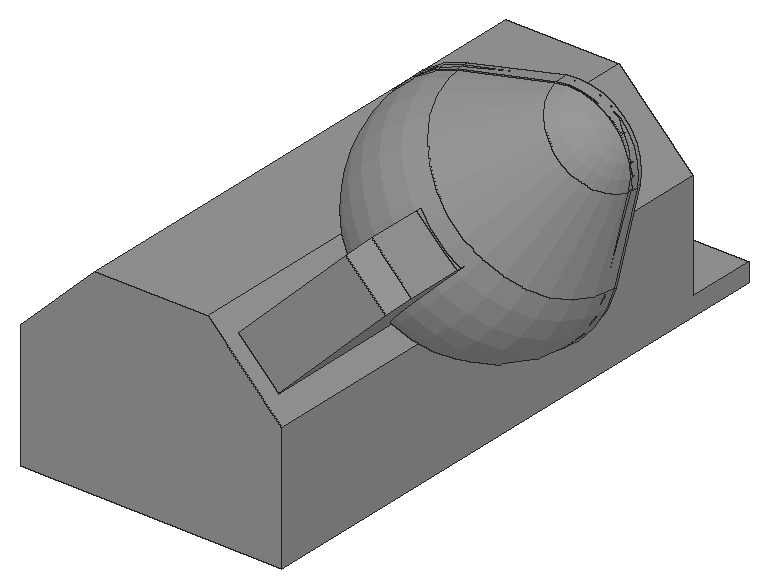
Revit family "Combination-Willoughby-ECW-1546-R-OF", category Plumbing Fixtures, Revit 2015
Parameters (values of type "Standard")
  Waste DIA = 2 3/8"
  Waste Connection = yes
  Vent Connection = no
  URL = "https://www.willoughby-ind.com/wp-content/uploads/2017/05/1546.pdf"
  Revision = "A"
  Model = "ECW-1546-R-OF"
  Manufacturer = "Willoughby Industries"
  Lav Waste DIA = 1 1/2"
  Lav Waste Connection = yes
  HW Connection = no
  Flush Inlet DIA = 1 1/2"
  Flush Inlet Connection = yes
  Fixture Body = Stainless Steel AISI 304-Willoughby
  Description = "1546 Combination Unit, Wall toilet waste outlet, Right toilet, Off Floor mounted"
  Default Elevation = 0' - 0"
  Contact = "(800) 428-4065"
  CW Connection = no
Reference planes (in)
  plane 1 "Center (Front/Back)": y = 0
  plane 2: z = 0
  plane 3 "Center (Left/Right)": x = 0
  plane 4: z = 11.5
  plane 5: z = 6.5
  plane 6: through (4.45954, 0, 8.54046) normal (0.7071, 0, -0.7071)
  plane 7: through (7.5, 0, 7.25) normal (0.7071, 0, -0.7071)
  plane 8: through (3.25, 0, 11.5) normal (0.7071, 0, -0.7071)
  plane 9: through (23.8093, -5.96161, 15.97995) normal (0.7071, 0, 0.7071)
  plane 10: through (22.37416, -5.96161, 24.30937) normal (0.7071, 0, 0.7071)
  plane 11: through (16.17284, -5.96161, 25.89652) normal (0.7071, 0, -0.7071)
  plane 12: through (11.9302, -5.96161, 30.13916) normal (0.7071, 0, -0.7071)
  plane 13: through (-9.40795, -6.21161, 0.18315) normal (0.7071, 0, -0.7071)
  plane 14: through (-13.78317, -6.21161, 4.55837) normal (0.7071, 0, -0.7071)
  plane 15: z = -3
Forms (in)
  Extrusion 1, solid, material "Stainless Steel AISI 304-Willoughby" <- "Fixture Body"
    sketch origin (0, -0.00023, 9.96632) x (1, 0, 0) y (0, 0, 1)
      loop
        line (7.5, 7.25) -> (3.24257, 11.5) -> (-3.24629, 11.5) -> (-7.5, 7.25) -> (-7.5, 0) -> (7.5, 0) -> (7.5, 7.25)
    from 18.21094 to -11.28861
  Extrusion 2, solid, material "Stainless Steel AISI 304-Willoughby" <- "Fixture Body"
    sketch origin (0, -0.00023, 9.96632) x (0, 1, 0) y (0, 0, 1)
      loop
        line (11.28861, 0) -> (15.28861, 0) -> (15.28861, 1.0625) -> (11.28861, 1.0625) -> (11.28861, 0)
    from 7.5 to -7.5
  Extrusion 3, void
    sketch origin (-58.09039, 11.28839, 57.96632) x (1, 0, 0) y (0, 0, 1)
      loop
        line (64.11615, -41.02576) -> (60.98371, -37.89332)
        arc (60.98371, -37.89332) -> (60.54805, -37.60222) -> (60.03415, -37.5) r 1.34289
        line (60.03415, -37.5) -> (58.09039, -37.5) -> (56.14663, -37.5)
        arc (56.14663, -37.5) -> (55.63273, -37.60222) -> (55.19707, -37.89332) r 1.34289
        line (55.19707, -37.89332) -> (52.06463, -41.02576)
        arc (52.06463, -41.02576) -> (51.67735, -41.81109) -> (51.84818, -42.66989) r 1.36204
        line (51.84818, -42.66989) -> (53.44605, -45.4375)
        arc (53.44605, -45.4375) -> (53.62907, -45.62051) -> (53.87907, -45.6875) r 0.5
        line (53.87907, -45.6875) -> (58.09039, -45.6875) -> (62.30172, -45.6875)
        arc (62.30172, -45.6875) -> (62.55172, -45.62051) -> (62.73473, -45.4375) r 0.5
        line (62.73473, -45.4375) -> (64.33261, -42.66989)
        arc (64.33261, -42.66989) -> (64.50343, -41.81109) -> (64.11615, -41.02576) r 1.36204
    from 6 to 0
  Revolve 4, solid, material "Stainless Steel AISI 304-Willoughby" <- "Fixture Body"
    sketch origin (0, 3.03839, -2.03368) x (0, 0, -1) y (-1, 0, 0)
      loop
        line (-12, 0) -> (-14, 0) -> (-14, -0.75) -> (-9, -0.75) -> (-9, 0) -> (-12, 0)
      axis (-14, 0) -> (-9, 0)
    angle from 0 to 360
  Revolve 5, solid, material "Stainless Steel AISI 304-Willoughby" <- "Fixture Body"
    sketch origin (0, -9.71161, 1.63556) x (0, 0, -1) y (-1, 0, 0)
      loop
        line (-10.39326, 1) -> (-5.31828, 1) -> (-5.31828, 2.1875) -> (-10.39326, 2.1875) -> (-10.39326, 1)
      axis (-10.39326, 1) -> (-5.31828, 1)
    angle from 0 to 360
  Revolve 6, solid, material "Stainless Steel AISI 304-Willoughby" <- "Fixture Body"
    sketch origin (9.75, -0.71161, 1.63556) x (0, 0, -1) y (-1, 0, 0)
      loop
        line (-8.32755, 4.875) -> (-8.32755, 5.625) -> (-9.83076, 5.625) -> (-9.83076, 4.875) -> (-8.32755, 4.875)
      axis (-9.83076, 4.875) -> (-8.32755, 4.875)
    angle from 0 to 360
  Revolve 7, solid, material "Stainless Steel AISI 304-Willoughby" <- "Fixture Body"
    sketch origin (1.41479, -6.46161, 15.38112) x (-0.707107, 0, -0.707107) y (-0.707107, 0, 0.707107)
      loop
        arc (-16.25875, -6.02566) -> (-9.22764, -6.08019) -> (-5.69625, 0) r 7
        line (-5.69625, 0) -> (-6.19625, 0)
        arc (-6.19625, 0) -> (-9.4731, -5.64458) -> (-15.99973, -5.59794) r 6.5
        line (-15.99973, -5.59794) -> (-20.8721, -2.57392)
        arc (-20.8721, -2.57392) -> (-21.91777, -1.47245) -> (-22.28998, 0) r 3
        line (-22.28998, 0) -> (-22.79, 0)
        arc (-22.79, 0) -> (-22.35472, -1.71553) -> (-21.13577, -2.99875) r 3.5
        line (-21.13577, -2.99875) -> (-16.25875, -6.02566)
      axis (-22.79, 0) -> (-5.69625, 0)
    angle from 0 to 180
  Extrusion 8, solid, material "Stainless Steel AISI 304-Willoughby" <- "Fixture Body"
    sketch origin (2.2853, -6.46161, 16.20743) x (-0.707107, 0, -0.707107) y (-0.707107, 0, 0.707107)
      loop
        arc (-14.89057, -6.02615) -> (-9.38295, -6.58831) -> (-5.18935, -2.97395) r 7.00033
        line (-5.18935, -2.97395) -> (-4.39495, -2.97395) -> (-4.39495, 3.03645) -> (-5.16127, 3.03645)
        arc (-5.16127, 3.03645) -> (-9.42245, 6.72175) -> (-15.01815, 6.06823) r 6.99187
        line (-15.01815, 6.06823) -> (-19.99542, 3.00901)
        arc (-19.99542, 3.00901) -> (-21.59028, 0.06082) -> (-19.99542, -2.88736) r 3.52237
        line (-19.99542, -2.88736) -> (-14.89057, -6.02615)
      loop
        line (-18.92978, -1.56969) -> (-13.63506, -3.82667)
        arc (-13.63506, -3.82667) -> (-6.73671, 0.06082) -> (-13.63506, 3.94832) r 4.54455
        line (-13.63506, 3.94832) -> (-18.92978, 1.69134)
        arc (-18.92978, 1.69134) -> (-19.80995, 0.06082) -> (-18.92978, -1.56969) r 1.95034
    from 0.25 to -0.5
  Extrusion 9, solid, material "Stainless Steel AISI 304-Willoughby" <- "Fixture Body"
    sketch origin (4.37449, -6.21161, 18.34082) x (0, 1, 0) y (0.707107, 0, 0.707107)
      loop
        line (-6.74564, 11.11058) -> (-9.99564, 11.11058) -> (-11, 10.10622) -> (-11, 1.41493) -> (-0.75, 1.41493) -> (-0.75, 1.86803)
        arc (-0.75, 1.86803) -> (-5.87123, 5.08059) -> (-6.30349, 11.11058) r 6.68108
        line (-6.30349, 11.11058) -> (-6.74564, 11.11058)
    from 1.625 to -1.625
Cuts and joins
  Extrusion 3 cuts Extrusion 1
  joined: Extrusion 1, Extrusion 2
Lines and regions (in)
  symbolic lines
    curve 1: line (-7.48893, 0, 0) -> (7.5, 0, 0)
    curve 2: line (7.5, 0, 0) -> (7.5, 0, 7.25)
    curve 3: line (7.5, 0, 7.25) -> (3.25, 0, 11.5)
    curve 4: line (3.25, 0, 11.5) -> (-3.24629, 0, 11.5)
    curve 5: line (-3.24629, 0, 11.5) -> (-7.48893, 0, 7.25736)
    curve 6: line (-7.48893, 0, 7.25736) -> (-7.48893, 0, 0)
    curve 25: line (0, -18.21139, 0) -> (0, 15.28861, 0)
    curve 26: line (0, 15.28861, 0) -> (0, 15.28861, 1.0625)
    curve 27: line (0, 15.28861, 1.0625) -> (0, 11.28861, 1.0625)
    curve 28: line (0, 11.28861, 1.0625) -> (0, 11.28861, 11.5)
    curve 29: line (0, 11.28861, 11.5) -> (0, -18.21139, 11.5)
    curve 30: line (0, -18.21139, 11.5) -> (0, -18.21139, 0)
    curve 31: line (0, -6.21139, 7.25) -> (0, -6.21139, 23.53997)
    curve 32: line (0, -6.21139, 23.53997) -> (0, -6.96139, 23.53997)
    curve 33: arc (0, -6.96139, 23.53997) -> (0, -8.04549, 23.1896) -> (0, -8.96615, 22.51849) r 3.60579
    curve 34: line (0, -8.96615, 22.51849) -> (0, -11.17074, 20.56357)
    curve 35: arc (0, -11.17074, 20.56357) -> (0, -12.09401, 19.55613) -> (0, -12.79046, 18.38042) r 6.61196
    curve 36: line (0, -12.51488, 18.38042) -> (0, -16.20703, 18.38042)
    curve 37: line (0, -16.20703, 18.38042) -> (0, -17.21139, 17.67023)
    curve 38: line (0, -17.21139, 17.67023) -> (0, -17.21139, 8.22595)
    curve 39: line (0, -17.21139, 8.22595) -> (0, -6.96139, 8.22595)
    curve 40: line (0, -6.96139, 7.25) -> (0, -6.96139, 8.3818)
    curve 41: arc (0, -6.96139, 8.3818) -> (0, -10.55561, 9.69216) -> (0, -12.91251, 12.70554) r 6.95259
    curve 42: line (0, -17.21139, 15.37213) -> (0, -16.20703, 16.08232)
    curve 43: line (0, -16.20703, 16.08232) -> (0, -12.73595, 16.08232)
    curve 44: arc (0, -12.73595, 16.08232) -> (0, -12.95611, 17.23137) -> (0, -12.73595, 18.38042) r 3.10871
    curve 45: arc (0, -12.73595, 16.08232) -> (0, -13.19938, 14.41355) -> (0, -12.91251, 12.70554) r 3.9924
    curve 46: line (0, -6.96139, 7.25) -> (0, -6.21139, 7.25)
  symbolic lines, detail levels medium+fine
    curve 7: line (-7.48893, 0, 1.0625) -> (7.5, 0, 1.0625)
  symbolic lines, detail levels fine
    curve 8: line (4.64434, 0, 2.5625) -> (6.24222, 0, 5.33011)
    curve 9: line (6.02576, 0, 6.97424) -> (2.89332, 0, 10.10668)
    curve 10: line (1.94376, 0, 10.5) -> (-1.94376, 0, 10.5)
    curve 11: line (-2.89332, 0, 10.10668) -> (-6.02576, 0, 6.97424)
    curve 12: line (-6.24222, 0, 5.33011) -> (-4.64434, 0, 2.5625)
    curve 13: line (-4.21132, 0, 2.3125) -> (4.21132, 0, 2.3125)
    curve 14: arc (4.21132, 0, 2.3125) -> (4.46132, 0, 2.37949) -> (4.64434, 0, 2.5625) r 0.5
    curve 15: arc (6.24222, 0, 5.33011) -> (6.41304, 0, 6.18891) -> (6.02576, 0, 6.97424) r 1.36204
    curve 16: arc (2.89332, 0, 10.10668) -> (2.45766, 0, 10.39778) -> (1.94376, 0, 10.5) r 1.34289
    curve 17: arc (-1.94376, 0, 10.5) -> (-2.45766, 0, 10.39778) -> (-2.89332, 0, 10.10668) r 1.34289
    curve 18: arc (-6.02576, 0, 6.97424) -> (-6.41304, 0, 6.18891) -> (-6.24222, 0, 5.33011) r 1.36204
    curve 19: arc (-4.64434, 0, 2.5625) -> (-4.46132, 0, 2.37949) -> (-4.21132, 0, 2.3125) r 0.5
    curve 20: line (15.67616, 0, 14.13422) -> (17.82417, 0, 19.47408)
    curve 21: arc (17.82417, 0, 19.47408) -> (17.77002, 0, 20.47102) -> (17.22962, 0, 21.31054) r 1.95034
    curve 22: arc (17.22962, 0, 21.31054) -> (16.43043, 0, 21.75117) -> (15.51827, 0, 21.77997) r 1.95034
    curve 23: line (15.51827, 0, 21.77997) -> (10.17842, 0, 19.63196)
    curve 24: arc (10.17842, 0, 19.63196) -> (8.04942, 0, 12.00523) -> (15.67616, 0, 14.13422) r 4.54455
Dimensions and locks (in)
  level to plane 4 = 0' - 11 1/2"
  level to plane 5 = 0' - 6 1/2"
  plane 11 to plane 12 = 0' - 6"
  aligned and locked: Extrusion 8 to Extrusion 9
  aligned and locked: Extrusion 1 to Extrusion 2
Connectors (in)
  piping at (0, 3.03839, 6.96632), diameter 1.5, driven by "Lav Waste DIA", driven by "Lav Waste Connection"
    settings: on Revolve 4, index 1, connector inside diameter 24", connector length 0' - 0", flow factor 0, pipe flow 0 GPM, pressure drop 0.00 psi, fitting loss kfactor 0, connector angle 0.00°, fixture units 0, engagement length 0' - 0", angle of deflection 0.00°, flow configuration 0, flow direction 2, fitting loss method 0, system type 16, joint type 0, gender type 0, connector reference index -1, connector utility 1, adjustable connector no, is connector primary yes, connector description "Sink Waste"
  piping at (4.875, -0.71161, 9.96312), diameter 1.5, driven by "Flush Inlet DIA", driven by "Flush Inlet Connection"
    settings: on Revolve 6, index 2, connector inside diameter 24", connector length 0' - 0", flow factor 0, pipe flow 0 GPM, pressure drop 0.00 psi, fitting loss kfactor 0, connector angle 0.00°, fixture units 0, engagement length 0' - 0", angle of deflection 0.00°, flow configuration 0, flow direction 1, fitting loss method 0, system type 20, joint type 0, gender type 0, connector reference index -1, connector utility 1, adjustable connector no, is connector primary no, connector description "Flush Inlet"
  piping at (-1, -9.71161, 6.95384), diameter 2.375, driven by "Waste Connection", driven by "Waste DIA"
    settings: on Revolve 5, index 3, connector inside diameter 24", connector length 0' - 0", flow factor 0, pipe flow 0 GPM, pressure drop 0.00 psi, fitting loss kfactor 0, connector angle 0.00°, fixture units 0, engagement length 0' - 0", angle of deflection 0.00°, flow configuration 0, flow direction 2, fitting loss method 0, system type 16, joint type 0, gender type 0, connector reference index -1, connector utility 1, adjustable connector no, is connector primary no, connector description "Toilet Waste"
